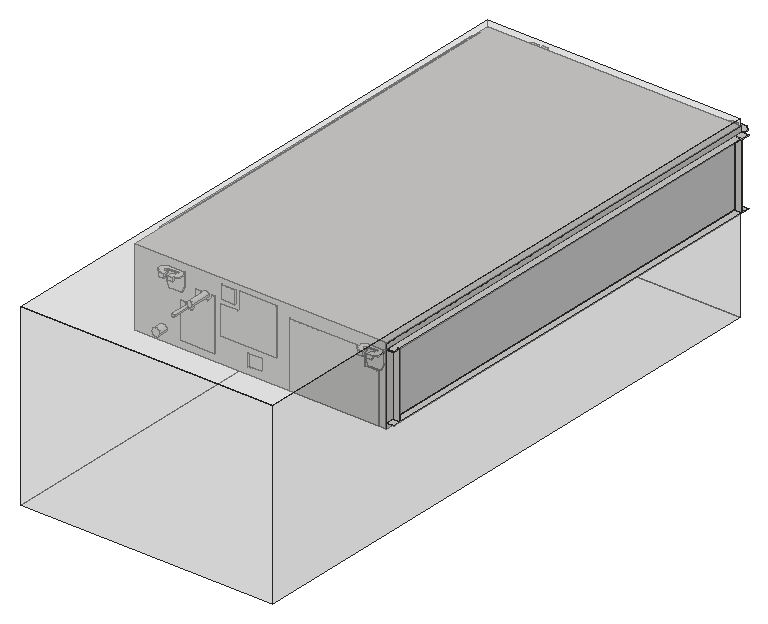
Revit family "outputfile", category 機械設備, Revit 2024
Family settings
  丸型コネクタ寸法 = 半径を使用
  パーツ タイプ = 標準
  OmniClass 番号 = 23.75.10.24.21.27.27
  OmniClass タイトル = Split System Air Conditioning Units
  作業面ベース = いいえ
  常に垂直 = はい
  ロード時にボイドで切り取り = いいえ
  注釈の向きを維持 = いいえ
  共有 = いいえ
  部屋計算ポイント = はい
Parameters (values of type "FBFC100DVM")
  Description = ""
  製造元 = "Daikin"
  書き出し IFC クラス(タイプ) = "IfcUnitaryEquipmentType"
  定義済み IFC タイプ(タイプ) = "AIRCONDITIONINGUNIT"
  Cost = 0
  モデル = "FBFC100DVM"
  Type Comments = ""
  Keynote = ""
  Type Image = (empty or 0)
  Assembly Code = ""
  switch_frequency = yes
  r_Liquid Pipe Size = Liquid Pipe Size / 2  # 4.75 mm
  r_Gas Pipe Size = Gas Pipe Size / 2  # 7.95 mm
  r_Drain Pipe Size = Drain Pipe Size / 2  # 12.5 mm
  lw_power = 770.0 mm  # constant formula
  lh_SA = 138.0 mm  # constant formula
  lw_SA = if(Depth = 550.0 mm, 225.0 mm, if(Depth = 700.0 mm, 300.0 mm, if(Depth = 1000.0 mm, 450.0 mm, if(Depth = 1400.0 mm, 650.0 mm, 725.0 mm))))  # 650.0 mm
  lw_RA = if(Depth = 550.0 mm, 275.0 mm, if(Depth = 700.0 mm, 349.0 mm, if(Depth = 1000.0 mm, 499.0 mm, if(Depth = 1400.0 mm, 699.0 mm, 775.0 mm))))  # 699.0 mm
  lh_power = 60.0 mm + [h***]  # 60.0 mm
  lh_mountinghole1 = lh_mountinghole + [h***]  # 222.0 mm
  lh_RA = 123.0 mm  # constant formula
  ld_power = Depth / 2  # 700.0 mm
  connector_voltage = Voltage_50Hz  # 230 V
  connector_powerinput = [Power Input (Cooling)]  # 0.000 kW
  connector_phase = Phase_50Hz  # 1
  Voltage_comment_50Hz = "220 - 240"
  Voltage_50Hz = 230 V
  URL = ""
  Supply Air Direction [instance] = yes
  Sound Power Level_H speed (dB) = 0
  Phase_50Hz = 1
  Minimum External Static Pressure = 50.00 Pa
  Minimum Circuit Amps_50Hz = 0.0 A
  Maximum Fuse Amps_50Hz = 0.0 A
  Maximum External Static Pressure = 150.00 Pa
  Material_Casing = DAIKIN_GalvanizedSteel_Casing_indoorunit
  lw_mountinghole = 630.0 mm  # constant formula
  lh_gaspipe = 183.0 mm + [h***]  # 183.0 mm
  lh_mountinghole = 222.0 mm  # constant formula
  lh_liquidpipe = 136.0 mm + [h***]  # 136.0 mm
  lh_drainpipe = 38.0 mm + [h***]  # 38.0 mm
  lh_antena = Height - lh_mountinghole + 1.0 mm  # 24.0 mm
  ld_drainpipe = Depth / 2 + 26.0 mm  # 726.0 mm
  ld_liquidpipe = Depth / 2 + 69.0 mm  # 769.0 mm
  ld_gaspipe = Depth / 2 + 65.0 mm  # 765.0 mm
  ld_mountinghole = Depth + 38.0 mm  # 1438.0 mm
  h*** = 0.0 mm  # constant formula
  lw_liquidpipe = 179.0 mm  # constant formula
  lw_gaspipe = 229.0 mm  # constant formula
  lw_drainpipe = 91.0 mm  # constant formula
  Width = 800.0 mm
  Version = "ver.1.0"
  Unit Type = "M.S.P. Duct"
  Unit Mass Weight = 46.00 kg
  Unit Designation [instance] = ""
  Uniclass2015Version = "Products v1.30"
  Uniclass2015Title = "Split coil room air conditioning units"
  Uniclass2015Code = "Pr_70_65_03_86"
  Total Cooling Capacity [instance] = 0.000 kW
  Sound Pressure Level_M speed (dBA) = 37.5
  Sound Pressure Level_L speed (dBA) = 35
  Sound Pressure Level_H speed (dBA) = 40
  Series = "SkyAir_Fan Coil Unit"
  Sensible Cooling Capacity [instance] = 0.000 kW
  SA Duct Size Width = 1192.0 mm
  SA Duct Size Height = 176.0 mm
  Refrigerant Type = "R32"
  RA Duct Size Width = 1352.0 mm
  RA Duct Size Height = 208.0 mm
  Power Input (Cooling) = 0.000 kW
  Option Accessory 3 [instance] = ""
  Option Accessory 2 [instance] = ""
  Option Accessory 1 [instance] = ""
  Nominal Cooling Capacity = 10.000 kW
  Minimum Airflow = 1500.00 m³/h
  Median Airflow = 1830.00 m³/h
  Maximum Airflow = 2160.00 m³/h
  Load Classification = HVAC
  Liquid Pipe Size = 9.5 mm
  Link_Nested Family [instance] = ""
  IfcVersion = ""
  IfcExportType = "AIRCONDITIONINGUNIT"
  IfcExportAs = "IfcUnitaryEquipmentType"
  Height = 245.0 mm
  Heat Exchanger Type = "Cross Fin Coil"
  Gas Pipe Size = 15.9 mm
  Frequency_50Hz = 50 Hz
  Fan Type = "Sirocco Fan"
  Fan Drive = "Direct Drive"
  FCU Tag No. [instance] = ""
  Drain Pipe Size = 25.0 mm
  Design Supply Airflow [instance] = 0.00 m³/h
  Design Return Airflow [instance] = 0.00 m³/h
  Design External Static Pressure [instance] = 0.00 Pa
  Depth = 1400.0 mm
  既定の高さ = 0.0 mm
  Cooling Entering Wet Bulb Temperature [instance] = 0.00 °C
  Cooling Entering Dry Bulb Temperature [instance] = 0.00 °C
  Cooling Ambient Wet Bulb Temperature [instance] = 0.00 °C
  Cooling Ambient Dry Bulb Temperature [instance] = 0.00 °C
  Clearance visibility [instance] = yes
  Clearance Top = 20.0 mm
  Clearance Right = 0.0 mm
  Clearance Rear = 0.0 mm
  Clearance Left = 0.0 mm
  Clearance Front = 450.0 mm
  Clearance Bottom = 300.0 mm
Reference planes
  plane 1 "Center (Front/Back)": y = 0
  plane 2 "h": z = 0
  plane 3 "Center (Left/Right)": x = 0
  plane 4 "Back": y = 700
  plane 5 "Front": y = -700
  plane 6 "Left": x = -400
  plane 7 "Right": x = 400
  plane 8 "Top": z = 0
  plane 9 "Bottom": z = -245
  plane 10: y = -215
  plane 11: y = 700
  plane 12: y = -1150
  plane 13: x = -400
  plane 14: x = 400
  plane 15: z = 20
  plane 16: z = -545
  plane 17: x = -400
  plane 18: x = -399
  plane 19: x = 399
  plane 20: y = 50
  plane 21: y = -1
  plane 22: z = -122
  plane 23: y = -701
  plane 24: z = -109
  plane 25: x = -221
  plane 26: y = -765
  plane 27: z = -62
  plane 28: x = -171
  plane 29: y = -726
  plane 30: z = -207
  plane 31: x = -309
  plane 32: x = -309
  plane 33: x = -221
  plane 34: x = -171
  plane 35: x = 370
  plane 36: x = -266
  plane 37: x = 364
  plane 38: y = -719
  plane 39: y = 719
  plane 40: z = -23
  plane 41: z = -107
  plane 42: y = -769
  plane 43: y = -726
  plane 44: x = -251
  plane 45: x = -203
  plane 46: x = -144
  plane 47: z = -59
  plane 48: z = -106
  plane 49: z = -221
  plane 50: z = -109
  plane 51: x = -221
  plane 52: z = -62
  plane 53: x = -171
  plane 54: z = -17
  plane 55: z = -59
  plane 56: x = -121
  plane 57: x = -79
  plane 58: x = -125
  plane 59: x = -64
  plane 60: x = 53
  plane 61: z = -164
  plane 62: z = -73
  plane 63: z = -16
  plane 64: x = 93.5
  plane 65: x = 374.5
  plane 66: x = 330
  plane 67: z = -88.5
  plane 68: z = -38
  plane 69: z = -242.5
  plane 70: x = -38.5
  plane 71: x = 6.5
  plane 72: z = -181
  plane 73: z = -221
  plane 74: y = -699
  plane 75: x = -424
  plane 76: x = 424
Forms (mm)
  Extrusion 1, solid, material "DAIKIN_GalvanizedSteel_Casing_indoorunit" <- "Material_Casing"
    sketch origin (0, 0, 0) x (1, 0, 0) y (0, 1, 0)
      loop
        line (-399, 700) -> (-399, -700) -> (399, -700) -> (399, 700) -> (-399, 700)
    from -245 to 0
  Extrusion 2, solid, material "DAIKIN_GalvanizedSteel_Casing_indoorunit" <- "Material_Casing"
    sketch origin (0, 0, 0) x (1, 0, 0) y (0, 0, 1)
      loop
        line (-251, -221) -> (-144, -221) -> (-144, -59) -> (-154.47, -59)
        arc (-154.47, -59) -> (-171, -78.8) -> (-187.53, -59) r 16.8
        line (-187.53, -59) -> (-203, -59) -> (-203, -106) -> (-206.916, -106)
        arc (-206.916, -106) -> (-221, -123.4) -> (-235.084, -106) r 14.4
        line (-235.084, -106) -> (-251, -106) -> (-251, -221)
    from 700 to 701
  Extrusion 3, solid, material "DAIKIN_GalvanizedSteel_Casing_indoorunit" <- "Material_Casing"
    sketch origin (0, 0, 0) x (1, 0, 0) y (0, 0, 1)
      loop
        line (-121, -17) -> (-121, -59) -> (-79, -59) -> (-79, -17) -> (-121, -17)
      loop
        line (-125, -73) -> (-125, -164) -> (53, -164) -> (53, -16) -> (-64, -16) -> (-64, -73) -> (-125, -73)
    from 700 to 701
  Extrusion 4, solid, material "DAIKIN_GalvanizedSteel_Casing_indoorunit" <- "Material_Casing"
    sketch origin (0, 0, 0) x (1, 0, 0) y (0, 0, 1)
      loop
        line (93.5, -38) -> (93.5, -242.5) -> (374.5, -242.5) -> (374.5, -88.5) -> (330, -88.5) -> (330, -38) -> (93.5, -38)
    from 700 to 701
  Extrusion 5, solid, material "DAIKIN_GalvanizedSteel_Casing_indoorunit" <- "Material_Casing"
    sketch origin (0, 0, 0) x (1, 0, 0) y (0, 0, 1)
      loop
        circle (-221, -109) r 4.75
    from 700 to 769
  Extrusion 6, solid, material "DAIKIN_GalvanizedSteel_Casing_indoorunit" <- "Material_Casing"
    sketch origin (0, 0, 0) x (1, 0, 0) y (0, 0, 1)
      loop
        circle (-171, -62) r 7.95
    from 700 to 765
  Extrusion 7, solid, material "DAIKIN_GalvanizedSteel_Casing_indoorunit" <- "Material_Casing"
    sketch origin (0, 0, 0) x (1, 0, 0) y (0, 0, 1)
      loop
        circle (-309, -207) r 12.5
    from 700 to 726
  Extrusion 8, void
    sketch origin (0, 0, 0) x (1, 0, 0) y (0, 0, 1)
      loop
        line (-38.5, -181) -> (-38.5, -221) -> (6.5, -221) -> (6.5, -181) -> (-38.5, -181)
    from 699 to 700
Cuts and joins
  Extrusion 8 cuts Extrusion 1
Dimensions and locks
  "Height": plane 8 "Top" to plane 9 "Bottom"
  equal spacing: plane 4 "Back", plane 1 "Center (Front/Back)", plane 5 "Front"
  "Depth": plane 4 "Back" to plane 5 "Front"
  equal spacing: plane 6 "Left", plane 3 "Center (Left/Right)", plane 7 "Right"
  "Width": plane 6 "Left" to plane 7 "Right"
  "Clearance Left": plane 13 to plane 6 "Left"
  "Clearance Right": plane 7 "Right" to plane 14
  "Clearance Rear": plane 11 to plane 4 "Back"
  "Clearance Front": plane 5 "Front" to plane 12
  "Clearance Top": plane 15 to plane 8 "Top"
  "Clearance Bottom": plane 9 "Bottom" to plane 16
  locked: plane 17 to plane 18 at 1
  locked: plane 19 to plane 14 at 1
  "lw_SA": plane 11 to plane 20
  "lw_RA": plane 21 to plane 5 "Front"
  "lh_RA": plane 22 to plane 9 "Bottom"
  locked: plane 5 "Front" to plane 23 at 1
  "lw_liquidpipe": plane 25 to plane 6 "Left"
  "lh_liquidpipe": plane 24 to plane 9 "Bottom"
  "lh_gaspipe": plane 27 to plane 9 "Bottom"
  "lw_gaspipe": plane 28 to plane 6 "Left"
  "ld_gaspipe": plane 26 to plane 1 "Center (Front/Back)"
  "ld_drainpipe": plane 29 to plane 1 "Center (Front/Back)"
  "lh_drainpipe": plane 30 to plane 9 "Bottom"
  "lw_drainpipe": plane 31 to plane 6 "Left"
  "lw_drainpipe": plane 6 "Left" to plane 32
  "lw_liquidpipe": plane 6 "Left" to plane 33
  "lw_gaspipe": plane 6 "Left" to plane 34
  "lw_power": plane 6 "Left" to plane 35
  locked: plane 17 to plane 36 at 134
  "lw_mountinghole": plane 36 to plane 37
  equal spacing: plane 38, plane 1 "Center (Front/Back)", plane 39
  "ld_mountinghole": plane 39 to plane 38
  "lh_mountinghole": plane 40 to plane 9 "Bottom"
  "lh_SA": plane 41 to plane 9 "Bottom"
  locked: plane 5 "Front" to plane 43 at 26
  plane 46 to plane 45 to plane 44 to plane 6 "Left" = 59.0 mm, 48.0 mm, 149.0 mm
  plane 8 "Top" to plane 47 to plane 48 to plane 49 = 59.0 mm locked, 47.0 mm locked, 115.0 mm locked
  plane 53 to plane 51 to plane 6 "Left" = 50.0 mm locked, 179.0 mm locked
  plane 52 to plane 50 to plane 9 "Bottom" = 47.0 mm locked, 136.0 mm locked
  plane 57 to plane 56 to plane 6 "Left" = 42.0 mm locked, 279.0 mm locked
  plane 8 "Top" to plane 54 to plane 55 = 17.0 mm locked, 42.0 mm locked
  plane 60 to plane 59 to plane 58 to plane 6 "Left" = 117.0 mm, 61.0 mm, 275.0 mm
  plane 8 "Top" to plane 63 to plane 62 = 16.0 mm locked, 57.0 mm locked
  locked: plane 63 to plane 61 at 148
  plane 8 "Top" to plane 68 to plane 67 to plane 69 = 38.0 mm locked, 50.5 mm locked, 154.0 mm locked
  plane 65 to plane 66 to plane 64 to plane 6 "Left" = 44.5 mm locked, 236.5 mm locked, 493.5 mm locked
  plane 8 "Top" to plane 72 to plane 73 = 181.0 mm locked, 40.0 mm locked
  plane 71 to plane 70 to plane 6 "Left" = 45.0 mm, 361.5 mm
  locked: plane 74 to plane 5 "Front" at 1
  locked: plane 75 to plane 17 at 24
  locked: plane 14 to plane 76 at 24
  "ld_liquidpipe": plane 42 to plane 1 "Center (Front/Back)"
  "r_Liquid Pipe Size": radius of Extrusion 5 sketch curve
  "r_Gas Pipe Size": radius of Extrusion 6 sketch curve
  "r_Drain Pipe Size": radius of Extrusion 7 sketch curve
  aligned and locked: level to plane 2 "h"
  aligned and locked: plane 8 "Top" to Extrusion 1
  aligned and locked: Extrusion 1 to plane 9 "Bottom"
  aligned and locked: nested 5 to plane 12
  aligned and locked: plane 13 to nested 5
  aligned and locked: plane 14 to nested 5
  aligned and locked: nested 5 to plane 13
  aligned and locked: plane 11 to nested 5
  aligned and locked: plane 15 to nested 5
  aligned and locked: plane 16 to nested 5
  aligned and locked: plane 5 "Front" to Extrusion 1 sketch curve
  aligned and locked: Extrusion 1 to plane 18
  aligned and locked: plane 19 to Extrusion 1
  aligned and locked: nested 7 to plane 18
  aligned and locked: nested 7 to plane 20
  aligned and locked: plane 19 to nested 8
  aligned and locked: plane 21 to nested 8
  aligned and locked: plane 22 to nested 8
  aligned and locked: Extrusion 2 to plane 23
  aligned and locked: plane 5 "Front" to Extrusion 2
  aligned and locked: Extrusion 3 to plane 23
  aligned and locked: plane 5 "Front" to Extrusion 3
  aligned and locked: plane 5 "Front" to Extrusion 4
  aligned and locked: Extrusion 5 sketch curve to plane 25
  aligned and locked: plane 24 to Extrusion 5 sketch curve
  aligned and locked: plane 5 "Front" to Extrusion 5
  aligned and locked: Extrusion 6 sketch curve to plane 28
  aligned and locked: plane 27 to Extrusion 6 sketch curve
  aligned and locked: plane 5 "Front" to Extrusion 6
  aligned and locked: Extrusion 7 sketch curve to plane 31
  aligned and locked: plane 30 to Extrusion 7 sketch curve
  aligned and locked: Extrusion 7 to plane 29
  aligned and locked: nested 3 to plane 29
  aligned and locked: nested 3 to plane 32
  aligned and locked: nested 2 to plane 33
  aligned and locked: nested 1 to plane 34
  aligned and locked: Extrusion 6 to plane 26
  aligned and locked: nested 1 to plane 26
  aligned and locked: nested 6 to plane 5 "Front"
  aligned and locked: nested 6 to plane 35
  aligned and locked: plane 36 to nested 10
  aligned and locked: nested 10 to plane 5 "Front"
  aligned and locked: plane 37 to nested 9
  aligned and locked: nested 9 to plane 5 "Front"
  aligned and locked: nested 11 to plane 36
  aligned and locked: plane 4 "Back" to nested 11
  aligned and locked: nested 12 to plane 37
  aligned and locked: plane 4 "Back" to nested 12
  aligned and locked: plane 40 to nested 10
  aligned and locked: plane 40 to nested 11
  aligned and locked: plane 40 to nested 9
  aligned and locked: plane 40 to nested 12
  aligned and locked: plane 36 to nested 14
  aligned and locked: nested 14 to plane 39
  aligned and locked: plane 37 to nested 13
  aligned and locked: nested 13 to plane 39
  aligned and locked: plane 37 to nested 16
  aligned and locked: plane 38 to nested 16
  aligned and locked: plane 38 to nested 15
  aligned and locked: plane 36 to nested 15
  aligned and locked: plane 17 to plane 6 "Left"
  aligned and locked: plane 41 to nested 7
  aligned and locked: Extrusion 5 to plane 42
  aligned and locked: nested 2 to plane 42
  aligned and locked: Extrusion 3 sketch curve to plane 54
  aligned and locked: Extrusion 3 sketch curve to plane 56
  aligned and locked: plane 55 to Extrusion 3 sketch curve
  aligned and locked: plane 57 to Extrusion 3 sketch curve
  aligned and locked: Extrusion 4 to plane 23
  aligned and locked: Extrusion 8 sketch curve to plane 72
  aligned and locked: plane 73 to Extrusion 8 sketch curve
  aligned and locked: plane 71 to Extrusion 8 sketch curve
  aligned and locked: plane 5 "Front" to Extrusion 8
  aligned and locked: plane 74 to Extrusion 8
  aligned and locked: nested 17 to plane 20
  aligned and locked: nested 17 to plane 75
  aligned and locked: plane 21 to nested 18
  aligned and locked: plane 76 to nested 18
  aligned and locked: plane 41 to nested 17
  aligned and locked: nested 18 to plane 22
  aligned and locked: nested 4 to plane 3 "Center (Left/Right)"
  aligned and locked: plane 1 "Center (Front/Back)" to nested 4
  aligned and locked: level to plane 8 "Top"
  aligned and locked: plane 5 "Front" to Extrusion 7
Automatic sketch dimensions
  plane 6 "Left" to Extrusion 1 sketch curve = 1.0 mm
  Extrusion 1 sketch curve to plane 7 "Right" = 1.0 mm
  Extrusion 1 sketch curve to plane 4 "Back" = 0.0 mm
  Extrusion 2 sketch curve to plane 44 = 0.0 mm
  Extrusion 2 sketch curve to plane 33 = 0.0 mm
  Extrusion 2 sketch curve to plane 45 = 0.0 mm
  Extrusion 2 sketch curve to plane 34 = 0.0 mm
  Extrusion 2 sketch curve to plane 46 = 0.0 mm
  Extrusion 2 sketch curve to plane 49 = 0.0 mm
  Extrusion 2 sketch curve to plane 50 = 0.0 mm
  Extrusion 2 sketch curve to plane 48 = 0.0 mm  (x3)
  Extrusion 2 sketch curve to plane 52 = 0.0 mm
  Extrusion 2 sketch curve to plane 47 = 0.0 mm  (x3)
  plane 33 to Extrusion 2 sketch curve = 14.084 mm
  plane 34 to Extrusion 2 sketch curve = 16.53 mm
  Extrusion 3 sketch curve to plane 58 = 0.0 mm
  Extrusion 3 sketch curve to plane 59 = 0.0 mm
  Extrusion 3 sketch curve to plane 60 = 0.0 mm
  Extrusion 3 sketch curve to plane 61 = 0.0 mm
  Extrusion 3 sketch curve to plane 62 = 0.0 mm
  Extrusion 3 sketch curve to plane 63 = 0.0 mm
  Extrusion 4 sketch curve to plane 64 = 0.0 mm
  Extrusion 4 sketch curve to plane 66 = 0.0 mm
  Extrusion 4 sketch curve to plane 65 = 0.0 mm
  Extrusion 4 sketch curve to plane 69 = 0.0 mm
  Extrusion 4 sketch curve to plane 67 = 0.0 mm
  Extrusion 4 sketch curve to plane 68 = 0.0 mm
  Extrusion 8 sketch curve to plane 70 = 0.0 mm
Nested families
  nested 1: "daikin_connector_rotate2" at (-171, 0, -62), length <- "ld_gaspipe", built-in parameter 1001364 <- "lh_gaspipe", radius <- "r_Gas Pipe Size", type "daikin_connector_rotate2"
    with radius 7.95 mm, length 765.0 mm, angle_vertical 90.00°
  nested 2: "daikin_connector_rotate2" at (-221, 0, -109), length <- "ld_liquidpipe", built-in parameter 1001364 <- "lh_liquidpipe", radius <- "r_Liquid Pipe Size", type "daikin_connector_rotate2"
    with radius 4.75 mm, length 769.0 mm, angle_vertical 90.00°
  nested 3: "daikin_connector_rotate2" at (-309, 0, -207), length <- "ld_drainpipe", built-in parameter 1001364 <- "lh_drainpipe", radius <- "r_Drain Pipe Size", type "daikin_connector_rotate2"
    with radius 12.5 mm, length 726.0 mm, angle_vertical 90.00°
  nested 4: "daikin_△_symbolicline" at (0, 0, 245) x (0, -1, 0) z (0, 0, 1), built-in parameter 1001364 <- "Height", visible <- "Supply Air Direction", type "daikin_△_symbolicline"
    with length 200.0 mm
  nested 5: "daikin_clearancespace" at (0, -225, -262.381), visible <- "Clearance visibility", show <- "Clearance visibility", Link_Nested Family <- "Link_Nested Family", type "daikin_clearancespace"
    with width 800.0 mm, show yes, height 565.0 mm, depth 1850.0 mm, Link_Nested Family ""
  nested 6: "daikin_connector_rotate2" at (370, 0, -185), built-in parameter 1001364 <- "lh_power", length <- "ld_power", type "daikin_connector_rotate2"
    with radius 10.0 mm, length 700.0 mm, angle_vertical 90.00°
  nested 7: "daikin_ductflange_FBFC-DVM2" at (-399, 50, -107) x (0, -1, 0) z (0, 0, 1), type "daikin_ductflange_FBFC-DVM2"
  nested 8: "daikin_ductflange_FBFC-DVM" at (399, -1, -122) x (0, 1, 0) z (0, 0, 1), type "daikin_ductflange_FBFC-DVM"
    with width 1352.0 mm, lw 25.0 mm, w 1400.0 mm
  nested 9: "daikin_hangerfixture_FBFC-DVM" at (364, -700, -23), type "daikin_hangerfixture_FBFC-DVM"
  nested 10: "daikin_hangerfixture_FBFC-DVM" at (-266, -700, -23), type "daikin_hangerfixture_FBFC-DVM"
  nested 11: "daikin_hangerfixture_FBFC-DVM" at (-266, 700, -23) x (-1, 0, 0) z (0, 0, 1), type "daikin_hangerfixture_FBFC-DVM"
  nested 12: "daikin_hangerfixture_FBFC-DVM" at (364, 700, -23) x (-1, 0, 0) z (0, 0, 1), type "daikin_hangerfixture_FBFC-DVM"
  nested 13: "daikin_mountinghole" at (364, 719, -245), h_mountinghole <- "lh_mountinghole1", l_antenna <- "lh_antena", Link_Nested Family <- "Link_Nested Family", type "daikin_mountinghole"
    with show yes, l_antenna 24.0 mm, h_mountinghole 222.0 mm, Link_Nested Family ""
  nested 14: "daikin_mountinghole" at (-266, 719, -245), h_mountinghole <- "lh_mountinghole1", l_antenna <- "lh_antena", Link_Nested Family <- "Link_Nested Family", type "daikin_mountinghole"
    with show yes, l_antenna 24.0 mm, h_mountinghole 222.0 mm, Link_Nested Family ""
  nested 15: "daikin_mountinghole" at (-266, -719, -245), h_mountinghole <- "lh_mountinghole1", l_antenna <- "lh_antena", Link_Nested Family <- "Link_Nested Family", type "daikin_mountinghole"
    with show yes, l_antenna 24.0 mm, h_mountinghole 222.0 mm, Link_Nested Family ""
  nested 16: "daikin_mountinghole" at (364, -719, -245), h_mountinghole <- "lh_mountinghole1", l_antenna <- "lh_antena", Link_Nested Family <- "Link_Nested Family", type "daikin_mountinghole"
    with show yes, l_antenna 24.0 mm, h_mountinghole 222.0 mm, Link_Nested Family ""
  nested 17: "daikin_connector_rotate2" at (-400, 50, -107) x (0, -1, 0) z (0, 0, 1), type "daikin_connector_rotate2"
    with radius 10.0 mm, length 24.0 mm, angle_vertical 90.00°
  nested 18: "daikin_connector_rotate2" at (400, -1, -122) x (0, 1, 0) z (0, 0, 1), type "daikin_connector_rotate2"
    with radius 10.0 mm, length 24.0 mm, angle_vertical 90.00°
Connectors
  piping at (-309, -726, -207), diameter 25, driven by "r_Drain Pipe Size"
    settings: on nested 3, index 3, connector inside diameter 609.6 mm, connector length 0.0 mm, flow factor 0, pipe flow 0.00 m³/h, pressure drop 0.0 Pa, fitting loss kfactor 0, connector angle 0.00°, fixture units 0, engagement length 0.0 mm, angle of deflection 0.00°, flow configuration 1, flow direction 2, fitting loss method 4, system type 16, joint type 0, gender type 0, connector reference index -1, connector utility 0, adjustable connector no, is connector primary yes, connector description "Condensate Drain Piping"
  piping at (-171, -765, -62), diameter 15.9, driven by "r_Gas Pipe Size"
    settings: on nested 1, index 4, connector inside diameter 609.6 mm, connector length 0.0 mm, flow factor 0, pipe flow 0.00 m³/h, pressure drop 0.0 Pa, fitting loss kfactor 0, connector angle 0.00°, fixture units 0, engagement length 0.0 mm, angle of deflection 0.00°, flow configuration 1, flow direction 2, fitting loss method 0, system type 29, joint type 0, gender type 0, connector reference index -1, connector utility 0, adjustable connector no, is connector primary no, connector description "Refrigerant Gas Piping"
  piping at (-221, -769, -109), diameter 9.5, driven by "r_Liquid Pipe Size"
    settings: on nested 2, index 5, connector inside diameter 609.6 mm, connector length 0.0 mm, flow factor 0, pipe flow 0.00 m³/h, pressure drop 0.0 Pa, fitting loss kfactor 0, connector angle 0.00°, fixture units 0, engagement length 0.0 mm, angle of deflection 0.00°, flow configuration 1, flow direction 1, fitting loss method 0, system type 29, joint type 0, gender type 0, connector reference index -1, connector utility 0, adjustable connector no, is connector primary no, connector description "Refrigerant Liquid Piping"
  electrical at (370, -700, -185), driven by "Load Classification", driven by "connector_powerinput", driven by "connector_voltage", driven by "connector_phase"
    settings: on nested 6, index 6, voltage 230 V, apparent load 0 VA, apparent load phase1 0 VA, apparent load phase2 0 VA, apparent load phase3 0 VA, power factor 1, load classification "HVAC", number of poles 1, system type 30, power factor state 1, is connector primary yes, connector utility no, sub classification motor no, connector description "Power Supply"
  hvac at (-424, 50, -107), driven by "SA Duct Size Height", driven by "SA Duct Size Width"
    settings: on nested 17, index 7, duct flow 0.00 m³/h, flow factor 0, pres drop 0.00 Pa, loss coef 0, conn angle 0.00°, conn width 1192.0 mm, conn height 176.0 mm, conn diameter 609.6 mm, duct sys type 1, conn prof type 1, flow config 0, flow direction 2, loss method 4, conn ref index -1, conn util no, is conn primary yes, conn desc "SA Duct"
  hvac at (424, -1, -122), driven by "RA Duct Size Height", driven by "RA Duct Size Width"
    settings: on nested 18, index 8, duct flow 0.00 m³/h, flow factor 0, pres drop 0.00 Pa, loss coef 0, conn angle 0.00°, conn width 1352.0 mm, conn height 208.0 mm, conn diameter 609.6 mm, duct sys type 2, conn prof type 1, flow config 0, flow direction 1, loss method 4, conn ref index -1, conn util no, is conn primary no, conn desc "RA Duct"
Definition of nested family "daikin_clearancespace"
  Parameters (values of type "daikin_clearancespace")
    Description = "daikin_clearancespace"
    width [instance] = 1823.963 mm
    show [instance] = yes
    material = none
    height [instance] = 1359.762 mm
    depth [instance] = 880.0 mm
    Default Elevation = 0.0 mm
    Link_Nested Family [instance] = ""
  Reference planes
    plane 1 "Center (Front/Back)": y = 0
    plane 2 "Center (Elevation)": z = -0.119
    plane 3 "Center (Left/Right)": x = 0
    plane 4: y = 440
    plane 5: y = -440
    plane 6 "Right": x = 911.982
    plane 7 "Left": x = -911.982
    plane 8 "Top": z = 679.762
    plane 9 "Bottom": z = -680
  Forms (mm)
    Extrusion 1, solid, material <- "material", visible <- "show"
      sketch origin (0, 0, 0) x (1, 0, 0) y (0, 1, 0)
        loop
          line (-911.982, 440) -> (-911.982, -440) -> (911.982, -440) -> (911.982, 440) -> (-911.982, 440)
      from -680 to 679.762
  Lines and regions (mm)
    symbolic lines, visible <- "show"
      curve 1: line (911.982, 440, 0) -> (-911.982, 440, 0)
      curve 2: line (-911.982, 440, 0) -> (-911.982, -440, 0)
      curve 3: line (-911.982, -440, 0) -> (911.982, -440, 0)
      curve 4: line (911.982, -440, 0) -> (911.982, 440, 0)
      curve 5: line (911.982, 0, 679.762) -> (-911.982, 0, 679.762)
      curve 6: line (911.982, 0, -680) -> (911.982, 0, 679.762)
      curve 7: line (-911.982, 0, -680) -> (911.982, 0, -680)
      curve 8: line (-911.982, 0, 679.762) -> (-911.982, 0, -680)
      curve 9: line (0, 440, 679.762) -> (0, -440, 679.762)
      curve 10: line (0, -440, 679.762) -> (0, -440, -680)
      curve 11: line (0, 440, -680) -> (0, 440, 679.762)
      curve 12: line (0, -440, -680) -> (0, 440, -680)
  Dimensions and locks
    "width": plane 7 "Left" to plane 6 "Right"
    "depth": plane 4 to plane 5
    "height": plane 8 "Top" to plane 9 "Bottom"
    equal spacing: plane 7 "Left", plane 3 "Center (Left/Right)", plane 6 "Right"
    equal spacing: plane 4, plane 1 "Center (Front/Back)", plane 5
    equal spacing: plane 8 "Top", plane 2 "Center (Elevation)", plane 9 "Bottom"
    aligned and locked: level to plane 2 "Center (Elevation)"
    aligned and locked: Extrusion 1 sketch curve to plane 4
    aligned and locked: plane 7 "Left" to Extrusion 1 sketch curve
    aligned and locked: Extrusion 1 sketch curve to plane 5
    aligned and locked: Extrusion 1 sketch curve to plane 6 "Right"
    aligned and locked: plane 8 "Top" to Extrusion 1
    aligned and locked: curve 1 to Extrusion 1
    aligned and locked: curve 2 to Extrusion 1
    aligned and locked: curve 3 to Extrusion 1
    aligned and locked: curve 4 to Extrusion 1
    aligned and locked: curve 5 to Extrusion 1
    aligned and locked: curve 6 to Extrusion 1
    aligned and locked: curve 7 to Extrusion 1
    aligned and locked: curve 8 to Extrusion 1
    aligned and locked: curve 9 to Extrusion 1
    aligned and locked: curve 10 to Extrusion 1
    aligned and locked: curve 11 to Extrusion 1
    aligned and locked: curve 12 to Extrusion 1
    aligned and locked: Extrusion 1 to plane 9 "Bottom"
Definition of nested family "daikin_ductflange_FBFC-DVM2"
  Parameters (values of type "daikin_ductflange_FBFC-DVMG2")
    width = if(w = 550.0 mm, 337.0 mm, if(w = 700.0 mm, 492.0 mm, if(w = 1000.0 mm, 792.0 mm, if(w = 1400.0 mm, 1192.0 mm, 1337.0 mm))))  # 1192.0 mm
    material = none
    height = 215.0 mm
    depth = 1.0 mm
    w = 1400.0 mm
    Default Elevation = 0.0 mm
  Reference planes
    plane 1 "Center (Front/Back)": y = 0
    plane 2: z = 0
    plane 3 "Center (Left/Right)": x = 0
    plane 4: z = 88
    plane 5: z = -88
    plane 6: y = -25
    plane 7: z = 106
    plane 8: z = 89
    plane 9: y = -1
    plane 10: x = -617.5
    plane 11: x = 617.5
    plane 12: z = -106
    plane 13: z = -89
    plane 14: y = -1
    plane 15: x = 596
    plane 16: x = -596
    plane 17: x = 597
    plane 18: z = 87
    plane 19: z = -87
    plane 20: x = -597
    plane 21: z = 87
    plane 22: z = -87
    plane 23: y = -1
  Forms (mm)
    Extrusion 1, solid, material <- "material"
      sketch origin (0, 0, 0) x (0, 1, 0) y (0, 0, 1)
        loop
          line (-25, 88) -> (0, 88) -> (0, 106) -> (-1, 106) -> (-1, 89) -> (-25, 89) -> (-25, 88)
      from -617.5 to 617.5
    Extrusion 2, solid, material <- "material"
      sketch origin (0, 0, 0) x (0, 1, 0) y (0, 0, 1)
        loop
          line (-25, -88) -> (-25, -89) -> (-1, -89) -> (-1, -106) -> (0, -106) -> (0, -88) -> (-25, -88)
      from -617.5 to 617.5
    Extrusion 3, solid, material <- "material"
      sketch origin (0, 0, 0) x (1, 0, 0) y (0, 0, 1)
        loop
          line (596, 88) -> (596, -88) -> (617.5, -88) -> (617.5, -87) -> (597, -87) -> (597, 87) -> (617.5, 87) -> (617.5, 88) -> (596, 88)
      from 0 to 25
    Extrusion 4, solid, material <- "material"
      sketch origin (0, 0, 0) x (1, 0, 0) y (0, 0, 1)
        loop
          line (-617.5, 88) -> (-617.5, 87) -> (-597, 87) -> (-597, -87) -> (-617.5, -87) -> (-617.5, -88) -> (-596, -88) -> (-596, 88) -> (-617.5, 88)
      from 0 to 25
    Extrusion 5, solid, material <- "material"
      sketch origin (0, 0, 0) x (1, 0, 0) y (0, 0, 1)
        loop
          line (-617.5, 88) -> (-617.5, -88) -> (-596, -88) -> (-596, 88) -> (-617.5, 88)
        loop
          line (617.5, 88) -> (596, 88) -> (596, -88) -> (617.5, -88) -> (617.5, 88)
      from 0 to 1
  Cuts and joins
    joined: Extrusion 1, Extrusion 2, Extrusion 3, Extrusion 4, Extrusion 5
  Dimensions and locks
    plane 4 to level to plane 5 = 88.0 mm, 88.0 mm
    locked: plane 6 to plane 1 "Center (Front/Back)" at 25
    locked: plane 9 to plane 1 "Center (Front/Back)" at 1
    locked: plane 8 to plane 4 at 1
    locked: plane 16 to plane 10 at 21.5
    locked: plane 17 to plane 15 at 1
    locked: plane 4 to plane 18 at 1
    locked: plane 19 to plane 5 at 1
    "width": plane 15 to plane 16
    plane 4 to plane 5 = 176.0 mm
    locked: plane 16 to plane 20 at 1
    locked: plane 4 to plane 21 at 1
    locked: plane 22 to plane 5 at 1
    locked: plane 23 to plane 1 "Center (Front/Back)" at 1
    plane 4 to level to plane 5 = 88.0 mm locked, 88.0 mm locked
    locked: plane 5 to plane 13 at 1
    locked: plane 5 to plane 12 at 18
    locked: plane 7 to plane 4 at 18
    equal spacing: plane 15, plane 3 "Center (Left/Right)", plane 16
    locked: plane 11 to plane 15 at 21.5
    plane 11 to plane 10 = 1235.0 mm
    aligned and locked: level to plane 2
    aligned and locked: Extrusion 1 to plane 10
    aligned and locked: plane 11 to Extrusion 1
    aligned and locked: plane 5 to Extrusion 2
    aligned and locked: Extrusion 2 to plane 1 "Center (Front/Back)"
    aligned and locked: plane 15 to Extrusion 3 sketch curve
    aligned and locked: Extrusion 3 sketch curve to Extrusion 2  (x2)
    aligned and locked: Extrusion 3 sketch curve to plane 11
    aligned and locked: plane 6 to Extrusion 3
    aligned and locked: Extrusion 2 to plane 10
    aligned and locked: plane 11 to Extrusion 2
    aligned and locked: Extrusion 4 sketch curve to Extrusion 1  (x2)
    aligned and locked: plane 5 to Extrusion 4 sketch curve
    aligned and locked: Extrusion 4 sketch curve to plane 16
    aligned and locked: Extrusion 4 sketch curve to plane 22
    aligned and locked: plane 20 to Extrusion 4 sketch curve
    aligned and locked: plane 21 to Extrusion 4 sketch curve
    aligned and locked: Extrusion 4 to plane 1 "Center (Front/Back)"
    aligned and locked: plane 6 to Extrusion 4
    aligned and locked: Extrusion 5 sketch curve to Extrusion 1  (x4)
    aligned and locked: Extrusion 5 sketch curve to Extrusion 4  (x2)
    aligned and locked: Extrusion 5 sketch curve to Extrusion 3  (x2)
    aligned and locked: Extrusion 5 to plane 1 "Center (Front/Back)"
    aligned and locked: plane 23 to Extrusion 5
  Automatic sketch dimensions
    Extrusion 1 sketch curve to plane 6 = 0.0 mm
    Extrusion 1 sketch curve to plane 7 = 0.0 mm
    Extrusion 1 sketch curve to plane 9 = 0.0 mm
    Extrusion 1 sketch curve to plane 1 "Center (Front/Back)" = 0.0 mm
    Extrusion 1 sketch curve to plane 4 = 0.0 mm
    Extrusion 1 sketch curve to plane 8 = 0.0 mm
    Extrusion 2 sketch curve to plane 6 = 0.0 mm
    plane 12 to Extrusion 2 sketch curve = 0.0 mm
    Extrusion 2 sketch curve to plane 14 = 0.0 mm
    Extrusion 2 sketch curve to plane 1 "Center (Front/Back)" = 0.0 mm
    plane 13 to Extrusion 2 sketch curve = 0.0 mm
    Extrusion 2 sketch curve to plane 5 = 0.0 mm
    Extrusion 3 sketch curve to plane 17 = 0.0 mm
    Extrusion 3 sketch curve to plane 19 = 0.0 mm
    Extrusion 3 sketch curve to plane 18 = 0.0 mm
    Extrusion 3 sketch curve to plane 4 = 0.0 mm
    Extrusion 4 sketch curve to plane 10 = 0.0 mm
Definition of nested family "daikin_ductflange_FBFC-DVM"
  Parameters (values of type "daikin_ductflange_FBFC-DVMG")
    width = if(w = 550.0 mm, 502.0 mm, if(w = 700.0 mm, 654.0 mm, if(w = 1000.0 mm, 952.0 mm, if(w = 1400.0 mm, 1352.0 mm, 1502.0 mm))))  # 654.0 mm
    material = none
    lw = if(width = 654.0 mm, 23.0 mm, 25.0 mm)  # 23.0 mm
    height = 208.0 mm
    depth = 1.0 mm
    w = 700.0 mm
    Default Elevation = 0.0 mm
  Reference planes
    plane 1 "Center (Front/Back)": y = 0
    plane 2: z = 0
    plane 3 "Center (Left/Right)": x = 0
    plane 4: z = 104
    plane 5: z = -104
    plane 6: y = -25
    plane 7: z = 121
    plane 8: z = 105
    plane 9: y = -1
    plane 10: x = -350
    plane 11: x = 350
    plane 12: z = -122
    plane 13: z = -105
    plane 14: y = -1
    plane 15: x = 327
    plane 16: x = -327
    plane 17: x = 328
    plane 18: z = 103
    plane 19: z = -103
    plane 20: x = -328
    plane 21: z = 103
    plane 22: z = -103
    plane 23: y = -1
  Forms (mm)
    Extrusion 1, solid, material <- "material"
      sketch origin (0, 0, 0) x (0, 1, 0) y (0, 0, 1)
        loop
          line (-25, 104) -> (0, 104) -> (0, 121) -> (-1, 121) -> (-1, 105) -> (-25, 105) -> (-25, 104)
      from -350 to 350
    Extrusion 2, solid, material <- "material"
      sketch origin (0, 0, 0) x (0, 1, 0) y (0, 0, 1)
        loop
          line (-25, -104) -> (-25, -105) -> (-1, -105) -> (-1, -122) -> (0, -122) -> (0, -104) -> (-25, -104)
      from -350 to 350
    Extrusion 3, solid, material <- "material"
      sketch origin (0, 0, 0) x (1, 0, 0) y (0, 0, 1)
        loop
          line (327, 104) -> (327, -104) -> (350, -104) -> (350, -103) -> (328, -103) -> (328, 103) -> (350, 103) -> (350, 104) -> (327, 104)
      from 0 to 25
    Extrusion 4, solid, material <- "material"
      sketch origin (0, 0, 0) x (1, 0, 0) y (0, 0, 1)
        loop
          line (-350, 104) -> (-350, 103) -> (-328, 103) -> (-328, -103) -> (-350, -103) -> (-350, -104) -> (-327, -104) -> (-327, 104) -> (-350, 104)
      from 0 to 25
    Extrusion 5, solid, material <- "material"
      sketch origin (0, 0, 0) x (1, 0, 0) y (0, 0, 1)
        loop
          line (-350, 104) -> (-350, -104) -> (-327, -104) -> (-327, 104) -> (-350, 104)
        loop
          line (350, 104) -> (327, 104) -> (327, -104) -> (350, -104) -> (350, 104)
      from 0 to 1
  Cuts and joins
    joined: Extrusion 1, Extrusion 2, Extrusion 3, Extrusion 4, Extrusion 5
  Dimensions and locks
    plane 4 to level to plane 5 = 104.0 mm, 104.0 mm
    locked: plane 6 to plane 1 "Center (Front/Back)" at 25
    locked: plane 9 to plane 1 "Center (Front/Back)" at 1
    locked: plane 8 to plane 4 at 1
    "lw": plane 11 to plane 15
    "lw": plane 16 to plane 10
    locked: plane 17 to plane 15 at 1
    locked: plane 4 to plane 18 at 1
    locked: plane 19 to plane 5 at 1
    "width": plane 15 to plane 16
    equal spacing: plane 15, plane 3 "Center (Left/Right)", plane 16
    locked: plane 16 to plane 20 at 1
    locked: plane 4 to plane 21 at 1
    locked: plane 22 to plane 5 at 1
    locked: plane 23 to plane 1 "Center (Front/Back)" at 1
    locked: plane 7 to plane 4 at 17
    locked: plane 1 "Center (Front/Back)" to plane 14 at 1
    locked: plane 5 to plane 13 at 1
    "height": plane 4 to plane 5
    plane 11 to plane 10 = 700.0 mm
    locked: plane 12 to plane 13 at 17
    equal spacing: plane 4, level, plane 5
    aligned and locked: level to plane 2
    aligned and locked: Extrusion 1 to plane 10
    aligned and locked: plane 11 to Extrusion 1
    aligned and locked: plane 5 to Extrusion 2
    aligned and locked: Extrusion 2 to plane 1 "Center (Front/Back)"
    aligned and locked: plane 15 to Extrusion 3 sketch curve
    aligned and locked: Extrusion 3 sketch curve to Extrusion 2  (x2)
    aligned and locked: Extrusion 3 sketch curve to plane 11
    aligned and locked: plane 6 to Extrusion 3
    aligned and locked: Extrusion 2 to plane 10
    aligned and locked: plane 11 to Extrusion 2
    aligned and locked: Extrusion 4 sketch curve to Extrusion 1  (x2)
    aligned and locked: plane 5 to Extrusion 4 sketch curve
    aligned and locked: Extrusion 4 sketch curve to plane 16
    aligned and locked: Extrusion 4 sketch curve to plane 22
    aligned and locked: plane 20 to Extrusion 4 sketch curve
    aligned and locked: plane 21 to Extrusion 4 sketch curve
    aligned and locked: Extrusion 4 to plane 1 "Center (Front/Back)"
    aligned and locked: plane 6 to Extrusion 4
    aligned and locked: Extrusion 5 sketch curve to Extrusion 1  (x4)
    aligned and locked: Extrusion 5 sketch curve to Extrusion 4  (x2)
    aligned and locked: Extrusion 5 sketch curve to Extrusion 3  (x2)
    aligned and locked: Extrusion 5 to plane 1 "Center (Front/Back)"
    aligned and locked: plane 23 to Extrusion 5
  Automatic sketch dimensions
    Extrusion 1 sketch curve to plane 6 = 0.0 mm
    Extrusion 1 sketch curve to plane 7 = 0.0 mm
    Extrusion 1 sketch curve to plane 9 = 0.0 mm
    Extrusion 1 sketch curve to plane 1 "Center (Front/Back)" = 0.0 mm
    Extrusion 1 sketch curve to plane 4 = 0.0 mm
    Extrusion 1 sketch curve to plane 8 = 0.0 mm
    Extrusion 2 sketch curve to plane 6 = 0.0 mm
    plane 12 to Extrusion 2 sketch curve = 0.0 mm
    Extrusion 2 sketch curve to plane 14 = 0.0 mm
    Extrusion 2 sketch curve to plane 1 "Center (Front/Back)" = 0.0 mm
    plane 13 to Extrusion 2 sketch curve = 0.0 mm
    Extrusion 2 sketch curve to plane 5 = 0.0 mm
    Extrusion 3 sketch curve to plane 17 = 0.0 mm
    Extrusion 3 sketch curve to plane 19 = 0.0 mm
    Extrusion 3 sketch curve to plane 18 = 0.0 mm
    Extrusion 3 sketch curve to plane 4 = 0.0 mm
    Extrusion 4 sketch curve to plane 10 = 0.0 mm
Definition of nested family "daikin_hangerfixture_FBFC-DVM"
  Parameters (values of type "daikin_hangerfixture_FXMQ-PAVE")
    width = 72.0 mm
    material = none
    height = 60.0 mm
    depth = 41.0 mm
    Default Elevation = 0.0 mm
  Reference planes
    plane 1 "Center (Front/Back)": y = 0
    plane 2: z = 0
    plane 3 "Center (Left/Right)": x = 0
    plane 4: y = 417.146
    plane 5: y = -41
    plane 6: x = -36
    plane 7: x = 36
    plane 8: z = -2.3
    plane 9: z = -60
    plane 10: y = -2.3
    plane 11: z = -12
    plane 12: y = -38.7
  Forms (mm)
    Extrusion 1, solid, material <- "material"
      sketch origin (0, 0, 0) x (1, 0, 0) y (0, 1, 0)
        loop
          line (-28, 0) -> (-28, -5)
          arc (-28, -5) -> (-29.127, -8.162) -> (-32, -9.899) r 5
          arc (-32, -9.899) -> (-34.873, -11.636) -> (-36, -14.798) r 5
          line (-36, -14.798) -> (-36, -27.178)
          arc (-36, -27.178) -> (-35.429, -29.499) -> (-33.846, -31.289) r 5
          line (-33.846, -31.289) -> (-23, -38.798) -> (-23, -41.098) -> (-6.5, -41.098) -> (-6.5, -28.498)
          arc (-6.5, -28.498) -> (-7.379, -26.377) -> (-9.5, -25.498) r 3
          line (-9.5, -25.498) -> (-13.5, -25.498)
          arc (-13.5, -25.498) -> (-20, -18.998) -> (-13.5, -12.498) r 6.5
          line (-13.5, -12.498) -> (13.5, -12.498)
          arc (13.5, -12.498) -> (20, -18.998) -> (13.5, -25.498) r 6.5
          line (13.5, -25.498) -> (9.5, -25.498)
          arc (9.5, -25.498) -> (7.379, -26.377) -> (6.5, -28.498) r 3
          line (6.5, -28.498) -> (6.5, -41.098) -> (23, -41.098) -> (23, -38.798) -> (33.846, -31.289)
          arc (33.846, -31.289) -> (35.429, -29.499) -> (36, -27.178) r 5
          line (36, -27.178) -> (36, -14.596)
          arc (36, -14.596) -> (34.873, -11.434) -> (32, -9.697) r 5
          arc (32, -9.697) -> (29.127, -7.96) -> (28, -4.798) r 5
          line (28, -4.798) -> (28, 0) -> (-28, 0)
      from 0 to -2.3
    Extrusion 2, solid, material <- "material"
      sketch origin (0, 0, 0) x (1, 0, 0) y (0, 0, 1)
        loop
          line (28, -39.037) -> (28, 0) -> (-28, 0) -> (-28, -39.037)
          arc (-28, -39.037) -> (-27.91, -39.983) -> (-27.642, -40.894) r 5
          line (-27.642, -40.894) -> (-21.257, -56.857)
          arc (-21.257, -56.857) -> (-19.418, -59.14) -> (-16.615, -60) r 5
          line (-16.615, -60) -> (16.615, -60)
          arc (16.615, -60) -> (19.418, -59.14) -> (21.257, -56.857) r 5
          line (21.257, -56.857) -> (27.642, -40.894)
          arc (27.642, -40.894) -> (27.91, -39.983) -> (28, -39.037) r 5
      from 0 to 2.3
    Extrusion 3, solid, material <- "material"
      sketch origin (0, 0, 0) x (1, 0, 0) y (0, 0, 1)
        loop
          line (-23, 0) -> (-23, -9)
          arc (-23, -9) -> (-22.121, -11.121) -> (-20, -12) r 3
          line (-20, -12) -> (-9.5, -12)
          arc (-9.5, -12) -> (-7.379, -11.121) -> (-6.5, -9) r 3
          line (-6.5, -9) -> (-6.5, 0) -> (-23, 0)
        loop
          line (23, 0) -> (6.5, 0) -> (6.5, -9)
          arc (6.5, -9) -> (7.379, -11.121) -> (9.5, -12) r 3
          line (9.5, -12) -> (20, -12)
          arc (20, -12) -> (22.121, -11.121) -> (23, -9) r 3
          line (23, -9) -> (23, 0)
      from 38.8 to 41.098
  Cuts and joins
    joined: Extrusion 1, Extrusion 2, Extrusion 3
  Dimensions and locks
    plane 2 to plane 8 = 2.3 mm
    "height": plane 2 to plane 9
    locked: plane 10 to plane 1 "Center (Front/Back)" at 2.3
    locked: plane 2 to plane 11 at 12
    locked: plane 12 to plane 5 at 2.3
    aligned and locked: level to plane 2
    aligned and locked: Extrusion 1 to plane 8
    aligned and locked: plane 2 to Extrusion 1
    aligned and locked: plane 2 to Extrusion 2 sketch curve
    aligned and locked: Extrusion 2 to plane 10
    aligned and locked: Extrusion 2 to plane 1 "Center (Front/Back)"
    aligned and locked: Extrusion 3 sketch curve to cut or joined group of Extrusion 1, Extrusion 2, Extrusion 3  (x3)
    aligned and locked: cut or joined group of Extrusion 1, Extrusion 2, Extrusion 3 to Extrusion 3
  Automatic sketch dimensions
    Extrusion 2 sketch curve to plane 7 = 8.0 mm
    Extrusion 2 sketch curve to plane 8 = 36.737 mm
    plane 6 to Extrusion 2 sketch curve = 19.385 mm
    Extrusion 1 sketch curve to plane 6 = 0.0 mm
    plane 1 "Center (Front/Back)" to Extrusion 1 sketch curve = 0.0 mm
    Extrusion 1 sketch curve to plane 7 = 0.0 mm
    plane 6 to Extrusion 1 sketch curve = 2.154 mm
    plane 6 to Extrusion 1 sketch curve = 3.0 mm
    Extrusion 1 sketch curve to Extrusion 1 sketch curve = 5.0 mm  (x3)
    Extrusion 1 sketch curve to plane 12 = 0.098 mm  (x2)
    Extrusion 1 sketch curve to Extrusion 1 sketch curve = 4.0 mm  (x2)
    Extrusion 1 sketch curve to plane 5 = 0.098 mm  (x2)
    Extrusion 1 sketch curve to plane 3 "Center (Left/Right)" = 6.5 mm
    plane 3 "Center (Left/Right)" to Extrusion 1 sketch curve = 6.5 mm
    Extrusion 1 sketch curve to Extrusion 1 sketch curve = 3.0 mm
    Extrusion 1 sketch curve to plane 7 = 8.0 mm
    Extrusion 1 sketch curve to plane 7 = 5.0 mm
    Extrusion 1 sketch curve to plane 7 = 3.0 mm
    Extrusion 1 sketch curve to plane 7 = 2.154 mm
    plane 12 to Extrusion 1 sketch curve = 7.411 mm  (x2)
    plane 12 to Extrusion 1 sketch curve = 10.202 mm  (x2)
    Extrusion 1 sketch curve to Extrusion 1 sketch curve = 6.5 mm  (x2)
    Extrusion 1 sketch curve to Extrusion 1 sketch curve = 12.38 mm
    Extrusion 1 sketch curve to plane 10 = 12.296 mm
    Extrusion 1 sketch curve to plane 10 = 2.7 mm
    Extrusion 1 sketch curve to plane 10 = 2.498 mm
    plane 6 to Extrusion 1 sketch curve = 4.0 mm
    Extrusion 1 sketch curve to Extrusion 1 sketch curve = 0.0 mm  (x2)
    Extrusion 1 sketch curve to plane 7 = 4.0 mm
    Extrusion 1 sketch curve to Extrusion 1 sketch curve = 4.111 mm
    Extrusion 3 sketch curve to level = 0.0 mm  (x2)
    Extrusion 3 sketch curve to plane 11 = 0.0 mm  (x2)
    plane 11 to Extrusion 3 sketch curve = 3.0 mm  (x2)
    plane 3 "Center (Left/Right)" to Extrusion 3 sketch curve = 6.5 mm
    Extrusion 3 sketch curve to Extrusion 3 sketch curve = 3.0 mm  (x2)
    Extrusion 2 sketch curve to plane 9 = 0.0 mm
    Extrusion 2 sketch curve to Extrusion 2 sketch curve = 11.385 mm
    plane 6 to Extrusion 2 sketch curve = 8.0 mm
    plane 9 to Extrusion 2 sketch curve = 20.963 mm
    Extrusion 2 sketch curve to Extrusion 2 sketch curve = 5.0 mm  (x2)
    plane 9 to Extrusion 2 sketch curve = 3.143 mm  (x3)
    Extrusion 2 sketch curve to Extrusion 2 sketch curve = 4.642 mm  (x2)
    Extrusion 2 sketch curve to Extrusion 2 sketch curve = 0.0 mm  (x2)
    Extrusion 2 sketch curve to Extrusion 2 sketch curve = 0.358 mm
    Extrusion 2 sketch curve to Extrusion 2 sketch curve = 1.857 mm  (x2)
Definition of nested family "daikin_connector_rotate2"
  Parameters (values of type "daikin_connector_rotate2")
    Default Elevation = 1219.2 mm
    show_face = no
    radius [instance] = 10.0 mm
    length [instance] = 600.0 mm
    d_surface = 10.0 mm
    angle_vertical [instance] = 90.00°
  Reference planes
    plane 1 "Center (Front/Back)": y = 0
    plane 2: z = 0
    plane 3 "Center (Left/Right)": x = 0
  Forms (mm)
    Extrusion 1, solid, visible <- "show_face"
      sketch origin (0, -600, 0) x (1, 0, 0) y (0, 0, 1)
        loop
          circle (0, 0) r 10
      from 0 to -10
  Lines and regions (mm)
    reference lines
      curve 1: line (0, 0, 0) -> (0, -600, 0)
    symbolic lines
      curve 2: circle (0, 0, 0) r 5 normal (0, 0, 1)
    model lines, visible <- "show_face"
      curve 3: line (0, 0, 0) -> (0, -600, 0)
  Dimensions and locks
    "length": curve 1 to curve 1
    "length": curve 3 to curve 3
    "d_surface": Extrusion 1 to Extrusion 1
    "radius": radius of Extrusion 1 sketch curve
    "angle_vertical": angle curve 1 to plane 1 "Center (Front/Back)"
    "angle_vertical": angle curve 3 to plane 1 "Center (Front/Back)"
    aligned and locked: level to plane 2
    aligned and locked: plane 1 "Center (Front/Back)" to curve 1
    aligned and locked: plane 2 to curve 1
    aligned and locked: plane 1 "Center (Front/Back)" to curve 2
    aligned and locked: plane 3 "Center (Left/Right)" to curve 2
    aligned and locked: plane 1 "Center (Front/Back)" to curve 3
    aligned and locked: plane 2 to curve 3
    aligned and locked: Extrusion 1 to Extrusion 1
  Automatic sketch dimensions
    Extrusion 1 sketch curve to level = 0.0 mm
    Extrusion 1 sketch curve to plane 3 "Center (Left/Right)" = 0.0 mm
    radius of curve 2 = 5.0 mm
Definition of nested family "daikin_△_symbolicline"
  Parameters (values of type "daikin_△_symbolicline")
    length [instance] = 200.0 mm
    Default Elevation = 0.0 mm
  Reference planes
    plane 1 "Center (Front/Back)": y = 0
    plane 2: z = 0
    plane 3 "Center (Left/Right)": x = 0
  Lines and regions (mm)
    symbolic lines
      curve 1: line (0, -173.205, 0) -> (100, 0, 0)
      curve 2: line (100, 0, 0) -> (-100, 0, 0)
      curve 3: line (-100, 0, 0) -> (0, -173.205, 0)
  Dimensions and locks
    equal spacing: curve 3, plane 3 "Center (Left/Right)", curve 2
    "length": curve 3 to curve 2
    "length": curve 3 to curve 3
    "length": curve 1 to curve 1
    aligned and locked: level to plane 2
    aligned and locked: curve 2 to plane 1 "Center (Front/Back)"
    aligned and locked: plane 3 "Center (Left/Right)" to curve 3
Definition of nested family "daikin_mountinghole"
  Parameters (values of type "daikin_mountinghole")
    Default Elevation = 1219.2 mm
    Type Comments = "mountinghole"
    show [instance] = yes
    material = none
    l_centerline = 100.0 mm
    l_antenna [instance] = 100.0 mm
    h_mountinghole [instance] = 0.0 mm
    d_circle = 30.0 mm
    Link_Nested Family [instance] = ""
  Reference planes
    plane 1 "Center (Front/Back)": y = 0
    plane 2: z = 0
    plane 3 "Center (Left/Right)": x = 0
    plane 4: y = 50
    plane 5: x = -50
    plane 6: x = 50
    plane 7: y = -50
    plane 8 "h_mountinghole": z = 0
    plane 9: z = 100
  Lines and regions (mm)
    model lines, detail levels fine
      curve 1: circle (0, 0, 0) r 15 normal (0, 0, 1)
      curve 2: line (-50, 0, 0) -> (50, 0, 0)
      curve 3: line (0, 50, 0) -> (0, -50, 0)
    symbolic lines, detail levels fine
      curve 4: circle (0, 0, 0) r 15 normal (0, 0, 1)
      curve 5: line (-50, 0, 0) -> (50, 0, 0)
      curve 6: line (0, 50, 0) -> (0, -50, 0)
    model lines
      curve 7: line (0, 0, 100) -> (0, 0, 0)
  Dimensions and locks
    equal spacing: plane 4, plane 1 "Center (Front/Back)", plane 7
    "l_centerline": plane 4 to plane 7
    equal spacing: plane 5, plane 3 "Center (Left/Right)", plane 6
    "l_centerline": plane 5 to plane 6
    "l_antenna": plane 9 to plane 8 "h_mountinghole"
    "h_mountinghole": plane 8 "h_mountinghole" to plane 2
    "d_circle": diameter of curve 1
    "d_circle": diameter of curve 4
    aligned and locked: level to plane 2
    aligned and locked: plane 1 "Center (Front/Back)" to curve 1
    aligned and locked: plane 3 "Center (Left/Right)" to curve 1
    aligned and locked: plane 1 "Center (Front/Back)" to curve 2
    aligned and locked: curve 3 to plane 3 "Center (Left/Right)"
    aligned and locked: plane 6 to curve 2
    aligned and locked: plane 5 to curve 2
    aligned and locked: plane 4 to curve 3
    aligned and locked: plane 7 to curve 3
    aligned and locked: plane 1 "Center (Front/Back)" to curve 4
    aligned and locked: plane 3 "Center (Left/Right)" to curve 4
    aligned and locked: plane 6 to curve 5
    aligned and locked: plane 5 to curve 5
    aligned and locked: plane 1 "Center (Front/Back)" to curve 5
    aligned and locked: plane 4 to curve 6
    aligned and locked: plane 7 to curve 6
    aligned and locked: curve 6 to plane 3 "Center (Left/Right)"
    aligned and locked: curve 7 to plane 3 "Center (Left/Right)"
    aligned and locked: plane 9 to curve 7
    aligned and locked: plane 8 "h_mountinghole" to curve 7
